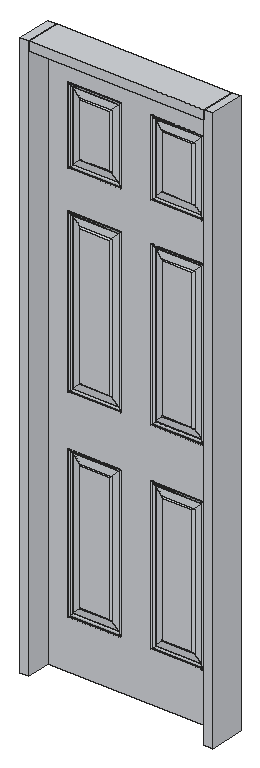
Revit family "Entrance-Doors_Steel_8ft-6-Panel-Embossment_Taylor-Entrance", category Doors, host Wall, Revit 2026
Family settings
  Host = Wall
  Classification Number = 23.30.10.00
  Always vertical = Yes
  Cut with Voids When Loaded = No
  Shared = No
  Room Calculation Point = No
Parameters (values of type "2' 6" x 8' 0"")
  URL = "https://www.groupenovatech.com/"
  Topmost Embossment Height = 13.0000"
  Middle Embossment Height = 27.5000"
  Thickness = 1.7300"
  Door Width = 29.7500"
  Door Height = 94.9400"
  Top Distance = 5.0000"
  Symbolic Pattern = Door Width  # 29.7500"
  Specification = "https://www.arcat.com/company/taylor-entrance-systems-inc-50999/spec"
  Product Page URL = "https://www.arcat.com/arcatcos/cos50/arc50999.html"
  Frame Thickness = 1.4850"
  Door Family = none
  Bottom Embossment Height = 25.5000"
  Model = ""
  Manufacturer = "Taylor Entrance Systems"
  Keynote = "08 42 00"
  Function = Interior
  Height = 94.9400"
  Wall Closure = By host
  Width = 29.7500"
  Define Thermal Properties by = Schematic Type
  Copyright = "ARCAT"
  CAD Details = "https://www.arcat.com/company/taylor-entrance-systems-inc-50999/cad"
  C - Distance = 3.3750"
  Bottom Distance = 8.3800"
  B - Distance = 3.3750"
  Analytic Construction = "<None>"
Types (4): name | Door Width | Symbolic Pattern | Door Family | Width | C - Distance | B - Distance
  2' 6" x 8' 0" | 29.7500" | 29.7500" | none | 29.7500" | 3.3750" | 3.3750"
  2' 8" x 8' 0" | 31.7500" | 31.7500" | Default Wall | 31.7500" | 4.3750" | 4.3750"
  2'10" x 8' 0" | 33.7500" | 33.7500" | none | 33.7500" | 5.3750" | 5.3750"
  3' 0" x 8' 0" | 35.7500" | 35.7500" | none | 35.7500" | 6.3750" | 6.3750"
Reference planes (in)
  plane 1: y = 0
  plane 2 "Center (Left/Right)": x = 0
  plane 3 "Left": x = -14.875
  plane 4 "Right": x = 14.875
  plane 5: z = 94.94
  plane 6 "Exterior": y = 2.95276
  plane 7 "Interior": y = -2.95276
  plane 8: x = 11.5
  plane 9: x = -11.5
  plane 10: z = 8.38
  plane 11: z = 69.94
  plane 12: z = 42.44
  plane 13: z = 33.88
  plane 14: z = 0
  plane 15: z = 79
  plane 16: y = 1.22276
  plane 17: y = 32.70276
  plane 18: x = 16.36
  plane 19: x = -16.36
  plane 20: z = 96.425
  plane 21: x = 2.5
  plane 22: x = -2.5
  plane 23: z = 76.5
  plane 24: z = 89.5
Forms (in)
  Extrusion 1, solid, material <- "Door Family"
    sketch origin (0, 0, 0) x (1, 0, 0) y (0, 1, 0)
      loop
        line (-14.875, 2.95276) -> (-14.875, 1.22276) -> (14.875, 1.22276) -> (14.875, 2.95276) -> (-14.875, 2.95276)
    from 0 to 94.94
  Extrusion 2, solid, material <- "Door Family"
    sketch origin (0, 0, 0) x (1, 0, 0) y (0, 1, 0)
      loop
        line (-16.36, 2.95276) -> (-16.36, -2.95276) -> (-14.875, -2.95276) -> (-14.875, 2.95276) -> (-16.36, 2.95276)
    from 0 to 96.425
  Extrusion 3, solid, material <- "Door Family"
    sketch origin (0, 0, 0) x (1, 0, 0) y (0, 1, 0)
      loop
        line (14.875, 2.95276) -> (14.875, -2.95276) -> (16.36, -2.95276) -> (16.36, 2.95276) -> (14.875, 2.95276)
    from 0 to 96.425
  Extrusion 4, solid, material <- "Door Family"
    sketch origin (0, 0, 0) x (0, 1, 0) y (0, 0, 1)
      loop
        line (2.95276, 96.425) -> (-2.95276, 96.425) -> (-2.95276, 94.94) -> (2.95276, 94.94) -> (2.95276, 96.425)
    from -14.875 to 14.875
  Sweep 5, void
    path origin (0, 2.95276, 0) x (1, 0, 0) y (0, 0, 1)
      loop
        line (11.5, 33.88) -> (2.5, 33.88) -> (2.5, 8.38) -> (11.5, 8.38) -> (11.5, 33.88)
    profile origin (7, 2.95276, 33.88) x (0, 0, -1) y (0, -1, 0)
      loop
        line (0.1553, 0.13898) -> (0.03067, 0.01436) -> (0, 0) -> (1.98567, 0) -> (1.77199, 0.17921) -> (0.60682, 0.30497)
        arc (0.60682, 0.30497) -> (0.58589, 0.30148) -> (0.56981, 0.28764) r 0.03939
        arc (0.56981, 0.28764) -> (0.38714, 0.14476) -> (0.1553, 0.13898) r 0.36925
  Sweep 6, void
    path origin (-14, 2.95276, 0) x (1, 0, 0) y (0, 0, 1)
      loop
        line (11.5, 33.88) -> (2.5, 33.88) -> (2.5, 8.38) -> (11.5, 8.38) -> (11.5, 33.88)
    profile origin (-7, 2.95276, 33.88) x (0, 0, -1) y (0, -1, 0)
      loop
        line (0.1553, 0.13898) -> (0.03067, 0.01436) -> (0, 0) -> (1.98567, 0) -> (1.77199, 0.17921) -> (0.60682, 0.30497)
        arc (0.60682, 0.30497) -> (0.58589, 0.30148) -> (0.56981, 0.28764) r 0.03939
        arc (0.56981, 0.28764) -> (0.38714, 0.14476) -> (0.1553, 0.13898) r 0.36925
  Sweep 7, void
    path origin (0, 2.95276, 0) x (1, 0, 0) y (0, 0, 1)
      loop
        line (11.5, 69.94) -> (2.5, 69.94) -> (2.5, 42.44) -> (11.5, 42.44) -> (11.5, 69.94)
    profile origin (7, 2.95276, 69.94) x (0, 0, -1) y (0, -1, 0)
      loop
        line (0.1553, 0.13898) -> (0.03067, 0.01436) -> (0, 0) -> (1.98567, 0) -> (1.77199, 0.17921) -> (0.60682, 0.30497)
        arc (0.60682, 0.30497) -> (0.58589, 0.30148) -> (0.56981, 0.28764) r 0.03939
        arc (0.56981, 0.28764) -> (0.38714, 0.14476) -> (0.1553, 0.13898) r 0.36925
  Sweep 8, void
    path origin (-14, 2.95276, 0) x (1, 0, 0) y (0, 0, 1)
      loop
        line (11.5, 69.94) -> (2.5, 69.94) -> (2.5, 42.44) -> (11.5, 42.44) -> (11.5, 69.94)
    profile origin (-7, 2.95276, 69.94) x (0, 0, -1) y (0, -1, 0)
      loop
        line (0.1553, 0.13898) -> (0.03067, 0.01436) -> (0, 0) -> (1.98567, 0) -> (1.77199, 0.17921) -> (0.60682, 0.30497)
        arc (0.60682, 0.30497) -> (0.58589, 0.30148) -> (0.56981, 0.28764) r 0.03939
        arc (0.56981, 0.28764) -> (0.38714, 0.14476) -> (0.1553, 0.13898) r 0.36925
  Sweep 9, void
    path origin (0, 2.95276, 0) x (1, 0, 0) y (0, 0, 1)
      loop
        line (11.5, 89.5) -> (2.5, 89.5) -> (2.5, 76.5) -> (11.5, 76.5) -> (11.5, 89.5)
    profile origin (7, 2.95276, 89.5) x (0, 0, -1) y (0, -1, 0)
      loop
        line (0.1553, 0.13898) -> (0.03067, 0.01436) -> (0, 0) -> (1.98567, 0) -> (1.77199, 0.17921) -> (0.60682, 0.30497)
        arc (0.60682, 0.30497) -> (0.58589, 0.30148) -> (0.56981, 0.28764) r 0.03939
        arc (0.56981, 0.28764) -> (0.38714, 0.14476) -> (0.1553, 0.13898) r 0.36925
  Sweep 10, void
    path origin (-14, 2.95276, 0) x (1, 0, 0) y (0, 0, 1)
      loop
        line (11.5, 89.5) -> (2.5, 89.5) -> (2.5, 76.5) -> (11.5, 76.5) -> (11.5, 89.5)
    profile origin (-7, 2.95276, 89.5) x (0, 0, -1) y (0, -1, 0)
      loop
        line (0.1553, 0.13898) -> (0.03067, 0.01436) -> (0, 0) -> (1.98567, 0) -> (1.77199, 0.17921) -> (0.60682, 0.30497)
        arc (0.60682, 0.30497) -> (0.58589, 0.30148) -> (0.56981, 0.28764) r 0.03939
        arc (0.56981, 0.28764) -> (0.38714, 0.14476) -> (0.1553, 0.13898) r 0.36925
  Sweep 11, void
    path origin (14.875, 1.22276, 0) x (-1, 0, 0) y (0, 0, -1)
      loop
        line (26.375, -33.88) -> (26.375, -8.38) -> (17.375, -8.38) -> (17.375, -33.88) -> (26.375, -33.88)
    profile origin (-7, 1.22276, 33.88) x (0, 0, 1) y (0, -1, 0)
      loop
        line (-0.1553, -0.13898) -> (-0.03067, -0.01436) -> (0, 0) -> (-1.98567, 0) -> (-1.77199, -0.17921) -> (-0.60682, -0.30497)
        arc (-0.60682, -0.30497) -> (-0.58589, -0.30148) -> (-0.56981, -0.28764) r 0.03939
        arc (-0.56981, -0.28764) -> (-0.38714, -0.14476) -> (-0.1553, -0.13898) r 0.36925
  Sweep 12, void
    path origin (28.875, 1.22276, 0) x (-1, 0, 0) y (0, 0, -1)
      loop
        line (26.375, -33.88) -> (26.375, -8.38) -> (17.375, -8.38) -> (17.375, -33.88) -> (26.375, -33.88)
    profile origin (7, 1.22276, 33.88) x (0, 0, 1) y (0, -1, 0)
      loop
        line (-0.1553, -0.13898) -> (-0.03067, -0.01436) -> (0, 0) -> (-1.98567, 0) -> (-1.77199, -0.17921) -> (-0.60682, -0.30497)
        arc (-0.60682, -0.30497) -> (-0.58589, -0.30148) -> (-0.56981, -0.28764) r 0.03939
        arc (-0.56981, -0.28764) -> (-0.38714, -0.14476) -> (-0.1553, -0.13898) r 0.36925
  Sweep 13, void
    path origin (14.875, 1.22276, 0) x (-1, 0, 0) y (0, 0, -1)
      loop
        line (26.375, -69.94) -> (26.375, -42.44) -> (17.375, -42.44) -> (17.375, -69.94) -> (26.375, -69.94)
    profile origin (-7, 1.22276, 69.94) x (0, 0, 1) y (0, -1, 0)
      loop
        line (-0.1553, -0.13898) -> (-0.03067, -0.01436) -> (0, 0) -> (-1.98567, 0) -> (-1.77199, -0.17921) -> (-0.60682, -0.30497)
        arc (-0.60682, -0.30497) -> (-0.58589, -0.30148) -> (-0.56981, -0.28764) r 0.03939
        arc (-0.56981, -0.28764) -> (-0.38714, -0.14476) -> (-0.1553, -0.13898) r 0.36925
  Sweep 14, void
    path origin (28.875, 1.22276, 0) x (-1, 0, 0) y (0, 0, -1)
      loop
        line (26.375, -69.94) -> (26.375, -42.44) -> (17.375, -42.44) -> (17.375, -69.94) -> (26.375, -69.94)
    profile origin (7, 1.22276, 69.94) x (0, 0, 1) y (0, -1, 0)
      loop
        line (-0.1553, -0.13898) -> (-0.03067, -0.01436) -> (0, 0) -> (-1.98567, 0) -> (-1.77199, -0.17921) -> (-0.60682, -0.30497)
        arc (-0.60682, -0.30497) -> (-0.58589, -0.30148) -> (-0.56981, -0.28764) r 0.03939
        arc (-0.56981, -0.28764) -> (-0.38714, -0.14476) -> (-0.1553, -0.13898) r 0.36925
  Sweep 15, void
    path origin (14.875, 1.22276, 0) x (-1, 0, 0) y (0, 0, -1)
      loop
        line (26.375, -89.5) -> (26.375, -76.5) -> (17.375, -76.5) -> (17.375, -89.5) -> (26.375, -89.5)
    profile origin (-7, 1.22276, 89.5) x (0, 0, 1) y (0, -1, 0)
      loop
        line (-0.1553, -0.13898) -> (-0.03067, -0.01436) -> (0, 0) -> (-1.98567, 0) -> (-1.77199, -0.17921) -> (-0.60682, -0.30497)
        arc (-0.60682, -0.30497) -> (-0.58589, -0.30148) -> (-0.56981, -0.28764) r 0.03939
        arc (-0.56981, -0.28764) -> (-0.38714, -0.14476) -> (-0.1553, -0.13898) r 0.36925
  Sweep 16, void
    path origin (28.875, 1.22276, 0) x (-1, 0, 0) y (0, 0, -1)
      loop
        line (26.375, -89.5) -> (26.375, -76.5) -> (17.375, -76.5) -> (17.375, -89.5) -> (26.375, -89.5)
    profile origin (7, 1.22276, 89.5) x (0, 0, 1) y (0, -1, 0)
      loop
        line (-0.1553, -0.13898) -> (-0.03067, -0.01436) -> (0, 0) -> (-1.98567, 0) -> (-1.77199, -0.17921) -> (-0.60682, -0.30497)
        arc (-0.60682, -0.30497) -> (-0.58589, -0.30148) -> (-0.56981, -0.28764) r 0.03939
        arc (-0.56981, -0.28764) -> (-0.38714, -0.14476) -> (-0.1553, -0.13898) r 0.36925
Cuts and joins
  Sweep 5, Sweep 6, Sweep 7, Sweep 8, Sweep 9, Sweep 10, Sweep 11, Sweep 12, Sweep 13, Sweep 14, Sweep 15, Sweep 16 cuts Extrusion 1
Lines and regions (in)
  Opening 1
    outline origin (-120.07874, -2.95276, 0) x (1, 0, 0) y (0, 0, 1)
      loop
        line (103.71874, 0) -> (136.43874, 0) -> (136.43874, 96.425) -> (103.71874, 96.425) -> (103.71874, 0)
  symbolic lines, style "DoorsPanelProjection"
    curve 1: line (-14.875, 2.95276, 0) -> (-13.14453, 2.95276, 0)
    curve 2: line (-14.875, 32.70276, 0) -> (-14.875, 2.95276, 0)
    curve 3: line (-13.14453, 32.70276, 0) -> (-14.875, 32.70276, 0)
    curve 4: line (-13.14453, 2.95276, 0) -> (-13.14453, 32.70276, 0)
    curve 5: arc (-14.875, 32.70276, 0) -> (6.16143, 23.98918, 0) -> (14.875, 2.95276, 0) r 29.75
  symbolic lines, style "Elevation Swing"
    curve 6: line (-14.875, -2.95276, 45.44) -> (14.875, -2.95276, 94.94)
    curve 7: line (-14.875, -2.95276, 45.44) -> (14.875, -2.95276, 0)
  symbolic lines
    curve 8: line (0, 2.95276, 65.2047) -> (0, 2.95276, 69.94)
    curve 9: line (0, 2.08776, 0) -> (0, 2.08776, 6.44)
Text (in)
  text "Exterior" at (-83.64806, 43.28909, 0), in view "Ref. Level"
  text "Exterior" at (0, 63.59764, 145.59372), in view "Left"
  text "Exterior" at (0, 40.78868, 152.55637), in view "Right"
  text "Interior" at (-85.30309, -10.03194, 0), in view "Ref. Level"
Dimensions and locks (in)
  equal spacing: plane 3 "Left", plane 2 "Center (Left/Right)", plane 4 "Right"  (x3)
  plane 3 "Left" to plane 4 "Right" = 29.7500"  (x2)
  "Door Height": host wall to plane 5
  host wall to plane 5 = 94.9400"
  locked: plane 6 "Exterior" to host wall
  locked: plane 7 "Interior" to host wall
  plane 13 to plane 12 = 8.5600"
  "Bottom Embossment Height": plane 10 to plane 13
  "Thickness": plane 6 "Exterior" to plane 16
  locked: curve 2 to curve 4 at 1.73047
  "Symbolic Pattern": plane 6 "Exterior" to plane 17
  "Door Width": plane 3 "Left" to plane 4 "Right"
  "Bottom Distance": level to plane 10
  plane 12 to plane 13 = 8.5600"
  "Frame Thickness": plane 4 "Right" to plane 18
  "Frame Thickness": plane 19 to plane 3 "Left"
  "Frame Thickness": plane 5 to plane 20
  "B - Distance": plane 8 to plane 4 "Right"
  "C - Distance": plane 3 "Left" to plane 9
  "Middle Embossment Height": plane 12 to plane 11
  plane 22 to plane 2 "Center (Left/Right)" to plane 21 = 2.5000" locked, 2.5000" locked  (x2)
  plane 9 to plane 22 = 9.0000"  (x2)
  plane 21 to plane 8 = 9.0000"  (x2)
  locked: Extrusion 2 to Extrusion 4 sketch curve at 1.485
  plane 11 to plane 23 = 6.5600"
  "Topmost Embossment Height": plane 23 to plane 24
  plane 23 to plane 11 = 6.5600"
  plane 9 to plane 8 = 23.0000"
  plane 8 to plane 9 = 23.0000"
  plane 22 to plane 21 = 5.0000"
  plane 24 to plane 5 = 5.4400"
  aligned and locked: Opening 1 sketch curve to level
  aligned and locked: plane 1 to host wall
  aligned and locked: plane 6 "Exterior" to Extrusion 1 sketch curve
  aligned and locked: plane 16 to Extrusion 1 sketch curve
  aligned and locked: plane 17 to curve 3
  aligned and locked: Extrusion 1 to level
  aligned and locked: Opening 1 sketch curve to plane 19
  aligned and locked: plane 20 to Opening 1 sketch curve
  aligned and locked: plane 18 to Opening 1 sketch curve
  aligned and locked: plane 3 "Left" to Extrusion 2 sketch curve
  aligned and locked: plane 19 to Extrusion 2 sketch curve
  aligned and locked: plane 6 "Exterior" to Extrusion 2 sketch curve
  aligned and locked: Extrusion 2 sketch curve to plane 7 "Interior"
  aligned and locked: plane 20 to Extrusion 2
  aligned and locked: plane 18 to Extrusion 3 sketch curve
  aligned and locked: Extrusion 3 sketch curve to plane 4 "Right"
  aligned and locked: plane 6 "Exterior" to Extrusion 3 sketch curve
  aligned and locked: Extrusion 3 sketch curve to plane 7 "Interior"
  aligned and locked: plane 20 to Extrusion 3
  aligned and locked: Extrusion 4 sketch curve to plane 20
  aligned and locked: plane 6 "Exterior" to Extrusion 4 sketch curve
  aligned and locked: Extrusion 4 sketch curve to plane 7 "Interior"
  aligned and locked: plane 3 "Left" to Extrusion 4
  aligned and locked: Extrusion 4 to plane 4 "Right"
  aligned and locked: cut or joined group of Extrusion 1, Sweep 5, Sweep 6, Sweep 7, Sweep 8, Sweep 9, Sweep 10, Sweep 11, Sweep 12, Sweep 13, Sweep 14, Sweep 15, Sweep 16 to plane 5
  aligned and locked: plane 13 to Sweep 5 sketch curve
  aligned and locked: plane 8 to Sweep 5 sketch curve
  aligned and locked: Sweep 5 sketch curve to plane 10
  aligned and locked: plane 21 to Sweep 5 sketch curve
  aligned and locked: Sweep 6 sketch curve to plane 13
  aligned and locked: Sweep 6 sketch curve to plane 9
  aligned and locked: plane 10 to Sweep 6 sketch curve
  aligned and locked: plane 22 to Sweep 6 sketch curve
  aligned and locked: plane 11 to Sweep 7 sketch curve
  aligned and locked: plane 8 to Sweep 7 sketch curve
  aligned and locked: Sweep 7 sketch curve to plane 12
  aligned and locked: plane 21 to Sweep 7 sketch curve
  aligned and locked: Sweep 8 sketch curve to plane 11
  aligned and locked: Sweep 8 sketch curve to plane 9
  aligned and locked: plane 12 to Sweep 8 sketch curve
  aligned and locked: plane 22 to Sweep 8 sketch curve
  aligned and locked: plane 24 to Sweep 9 sketch curve
  aligned and locked: plane 8 to Sweep 9 sketch curve
  aligned and locked: Sweep 9 sketch curve to plane 23
  aligned and locked: plane 21 to Sweep 9 sketch curve
  aligned and locked: Sweep 10 sketch curve to plane 24
  aligned and locked: Sweep 10 sketch curve to plane 9
  aligned and locked: plane 23 to Sweep 10 sketch curve
  aligned and locked: plane 22 to Sweep 10 sketch curve
  aligned and locked: Sweep 11 sketch curve to plane 13
  aligned and locked: Sweep 11 sketch curve to plane 9
  aligned and locked: plane 10 to Sweep 11 sketch curve
  aligned and locked: plane 22 to Sweep 11 sketch curve
  aligned and locked: Sweep 12 sketch curve to plane 13
  aligned and locked: Sweep 12 sketch curve to plane 8
  aligned and locked: plane 10 to Sweep 12 sketch curve
  aligned and locked: Sweep 12 sketch curve to plane 21
  aligned and locked: Sweep 13 sketch curve to plane 11
  aligned and locked: Sweep 13 sketch curve to plane 9
  aligned and locked: plane 12 to Sweep 13 sketch curve
  aligned and locked: plane 22 to Sweep 13 sketch curve
  aligned and locked: Sweep 14 sketch curve to plane 11
  aligned and locked: Sweep 14 sketch curve to plane 8
  aligned and locked: plane 12 to Sweep 14 sketch curve
  aligned and locked: Sweep 14 sketch curve to plane 21
  aligned and locked: Sweep 15 sketch curve to plane 24
  aligned and locked: Sweep 15 sketch curve to plane 9
  aligned and locked: plane 23 to Sweep 15 sketch curve
  aligned and locked: plane 22 to Sweep 15 sketch curve
  aligned and locked: Sweep 16 sketch curve to plane 24
  aligned and locked: Sweep 16 sketch curve to plane 8
  aligned and locked: plane 23 to Sweep 16 sketch curve
  aligned and locked: Sweep 16 sketch curve to plane 21
Automatic sketch dimensions
  curve 9 to level = 0.0000"
  curve 8 to host wall = 0.0000"
  curve 8 to plane 11 = 0.0000"
  curve 9 to host wall = 0.8650"
  host wall to curve 8 = 0.0000"
  curve 9 to plane 10 = 1.9400"
  curve 8 to curve 8 = 4.7353"
  Extrusion 1 sketch curve to plane 3 "Left" = 0.0000"
  Extrusion 1 sketch curve to plane 4 "Right" = 0.0000"
  curve 1 to host wall = 0.0000"
  curve 1 to plane 3 "Left" = 0.0000"
  curve 5 to host wall = 0.0000"
  plane 3 "Left" to curve 7 = 0.0000"
  curve 7 to level = 0.0000"
  plane 4 "Right" to curve 7 = 0.0000"
  plane 4 "Right" to curve 6 = 0.0000"
  curve 6 to plane 5 = 0.0000"
  plane 12 to curve 7 = 3.0000"
  Sweep 5 sketch curve to plane 6 "Exterior" = 0.0000"
  Sweep 5 sketch curve to profile plane = 0.0000"
  plane 6 "Exterior" to Sweep 5 sketch curve = 0.01436"
  Sweep 5 sketch curve to profile plane = 0.03067"
  Sweep 5 sketch curve to profile plane = 0.1553"
  Sweep 5 sketch curve to profile plane = 0.26248"
  plane 6 "Exterior" to Sweep 5 sketch curve = 0.26581"
  Sweep 5 sketch curve to Sweep 5 sketch curve = 0.3401"
  plane 6 "Exterior" to Sweep 5 sketch curve = 0.30497"
  Sweep 5 sketch curve to Sweep 5 sketch curve = 0.00423"
  plane 6 "Exterior" to Sweep 5 sketch curve = 0.17921"
  Sweep 5 sketch curve to Sweep 5 sketch curve = 0.21367"
  plane 6 "Exterior" to Sweep 5 sketch curve = 0.13898"
  Sweep 5 sketch curve to Sweep 5 sketch curve = 0.35335"
  Sweep 6 sketch curve to plane 6 "Exterior" = 0.0000"
  Sweep 6 sketch curve to profile plane = 0.0000"
  plane 6 "Exterior" to Sweep 6 sketch curve = 0.01436"
  Sweep 6 sketch curve to profile plane = 0.03067"
  Sweep 6 sketch curve to profile plane = 0.1553"
  Sweep 6 sketch curve to profile plane = 0.26248"
  plane 6 "Exterior" to Sweep 6 sketch curve = 0.26581"
  Sweep 6 sketch curve to Sweep 6 sketch curve = 0.3401"
  plane 6 "Exterior" to Sweep 6 sketch curve = 0.30497"
  Sweep 6 sketch curve to Sweep 6 sketch curve = 0.00423"
  plane 6 "Exterior" to Sweep 6 sketch curve = 0.17921"
  Sweep 6 sketch curve to Sweep 6 sketch curve = 0.21367"
  plane 6 "Exterior" to Sweep 6 sketch curve = 0.13898"
  Sweep 6 sketch curve to Sweep 6 sketch curve = 0.35335"
  Sweep 7 sketch curve to plane 6 "Exterior" = 0.0000"
  Sweep 7 sketch curve to profile plane = 0.0000"
  plane 6 "Exterior" to Sweep 7 sketch curve = 0.01436"
  Sweep 7 sketch curve to profile plane = 0.03067"
  Sweep 7 sketch curve to profile plane = 0.1553"
  Sweep 7 sketch curve to profile plane = 0.26248"
  plane 6 "Exterior" to Sweep 7 sketch curve = 0.26581"
  Sweep 7 sketch curve to Sweep 7 sketch curve = 0.3401"
  plane 6 "Exterior" to Sweep 7 sketch curve = 0.30497"
  Sweep 7 sketch curve to Sweep 7 sketch curve = 0.00423"
  plane 6 "Exterior" to Sweep 7 sketch curve = 0.17921"
  Sweep 7 sketch curve to Sweep 7 sketch curve = 0.21367"
  plane 6 "Exterior" to Sweep 7 sketch curve = 0.13898"
  Sweep 7 sketch curve to Sweep 7 sketch curve = 0.35335"
  Sweep 8 sketch curve to plane 6 "Exterior" = 0.0000"
  Sweep 8 sketch curve to profile plane = 0.0000"
  plane 6 "Exterior" to Sweep 8 sketch curve = 0.01436"
  Sweep 8 sketch curve to profile plane = 0.03067"
  Sweep 8 sketch curve to profile plane = 0.1553"
  Sweep 8 sketch curve to profile plane = 0.26248"
  plane 6 "Exterior" to Sweep 8 sketch curve = 0.26581"
  Sweep 8 sketch curve to Sweep 8 sketch curve = 0.3401"
  plane 6 "Exterior" to Sweep 8 sketch curve = 0.30497"
  Sweep 8 sketch curve to Sweep 8 sketch curve = 0.00423"
  plane 6 "Exterior" to Sweep 8 sketch curve = 0.17921"
  Sweep 8 sketch curve to Sweep 8 sketch curve = 0.21367"
  plane 6 "Exterior" to Sweep 8 sketch curve = 0.13898"
  Sweep 8 sketch curve to Sweep 8 sketch curve = 0.35335"
  Sweep 9 sketch curve to plane 6 "Exterior" = 0.0000"
  Sweep 9 sketch curve to profile plane = 0.0000"
  plane 6 "Exterior" to Sweep 9 sketch curve = 0.01436"
  Sweep 9 sketch curve to profile plane = 0.03067"
  Sweep 9 sketch curve to profile plane = 0.1553"
  Sweep 9 sketch curve to profile plane = 0.26248"
  plane 6 "Exterior" to Sweep 9 sketch curve = 0.26581"
  Sweep 9 sketch curve to Sweep 9 sketch curve = 0.3401"
  plane 6 "Exterior" to Sweep 9 sketch curve = 0.30497"
  Sweep 9 sketch curve to Sweep 9 sketch curve = 0.00423"
  plane 6 "Exterior" to Sweep 9 sketch curve = 0.17921"
  Sweep 9 sketch curve to Sweep 9 sketch curve = 0.21367"
  plane 6 "Exterior" to Sweep 9 sketch curve = 0.13898"
  Sweep 9 sketch curve to Sweep 9 sketch curve = 0.35335"
  Sweep 10 sketch curve to plane 6 "Exterior" = 0.0000"
  Sweep 10 sketch curve to profile plane = 0.0000"
  plane 6 "Exterior" to Sweep 10 sketch curve = 0.01436"
  Sweep 10 sketch curve to profile plane = 0.03067"
  Sweep 10 sketch curve to profile plane = 0.1553"
  Sweep 10 sketch curve to profile plane = 0.26248"
  plane 6 "Exterior" to Sweep 10 sketch curve = 0.26581"
  Sweep 10 sketch curve to Sweep 10 sketch curve = 0.3401"
  plane 6 "Exterior" to Sweep 10 sketch curve = 0.30497"
  Sweep 10 sketch curve to Sweep 10 sketch curve = 0.00423"
  plane 6 "Exterior" to Sweep 10 sketch curve = 0.17921"
  Sweep 10 sketch curve to Sweep 10 sketch curve = 0.21367"
  plane 6 "Exterior" to Sweep 10 sketch curve = 0.13898"
  Sweep 10 sketch curve to Sweep 10 sketch curve = 0.35335"
  Sweep 11 sketch curve to profile plane = 0.0000"
  profile plane to Sweep 11 sketch curve = 0.0000"
  Sweep 11 sketch curve to profile plane = 0.01436"
  profile plane to Sweep 11 sketch curve = 0.03067"
  profile plane to Sweep 11 sketch curve = 0.1553"
  profile plane to Sweep 11 sketch curve = 0.26248"
  Sweep 11 sketch curve to profile plane = 0.26581"
  Sweep 11 sketch curve to Sweep 11 sketch curve = 0.3401"
  Sweep 11 sketch curve to profile plane = 0.30497"
  Sweep 11 sketch curve to Sweep 11 sketch curve = 0.00423"
  Sweep 11 sketch curve to profile plane = 0.17921"
  Sweep 11 sketch curve to Sweep 11 sketch curve = 0.21367"
  Sweep 11 sketch curve to Sweep 11 sketch curve = 0.18737"
  Sweep 11 sketch curve to profile plane = 0.13898"
  Sweep 12 sketch curve to profile plane = 0.0000"
  profile plane to Sweep 12 sketch curve = 0.0000"
  Sweep 12 sketch curve to profile plane = 0.01436"
  profile plane to Sweep 12 sketch curve = 0.03067"
  profile plane to Sweep 12 sketch curve = 0.1553"
  profile plane to Sweep 12 sketch curve = 0.26248"
  Sweep 12 sketch curve to profile plane = 0.26581"
  Sweep 12 sketch curve to Sweep 12 sketch curve = 0.3401"
  Sweep 12 sketch curve to profile plane = 0.30497"
  Sweep 12 sketch curve to Sweep 12 sketch curve = 0.00423"
  Sweep 12 sketch curve to profile plane = 0.17921"
  Sweep 12 sketch curve to Sweep 12 sketch curve = 0.21367"
  Sweep 12 sketch curve to Sweep 12 sketch curve = 0.18737"
  Sweep 12 sketch curve to profile plane = 0.13898"
  Sweep 13 sketch curve to profile plane = 0.0000"
  profile plane to Sweep 13 sketch curve = 0.0000"
  Sweep 13 sketch curve to profile plane = 0.01436"
  profile plane to Sweep 13 sketch curve = 0.03067"
  profile plane to Sweep 13 sketch curve = 0.1553"
  profile plane to Sweep 13 sketch curve = 0.26248"
  Sweep 13 sketch curve to profile plane = 0.26581"
  Sweep 13 sketch curve to Sweep 13 sketch curve = 0.3401"
  Sweep 13 sketch curve to profile plane = 0.30497"
  Sweep 13 sketch curve to Sweep 13 sketch curve = 0.00423"
  Sweep 13 sketch curve to profile plane = 0.17921"
  Sweep 13 sketch curve to Sweep 13 sketch curve = 0.21367"
  Sweep 13 sketch curve to Sweep 13 sketch curve = 0.18737"
  Sweep 13 sketch curve to profile plane = 0.13898"
  Sweep 14 sketch curve to profile plane = 0.0000"
  profile plane to Sweep 14 sketch curve = 0.0000"
  Sweep 14 sketch curve to profile plane = 0.01436"
  profile plane to Sweep 14 sketch curve = 0.03067"
  profile plane to Sweep 14 sketch curve = 0.1553"
  profile plane to Sweep 14 sketch curve = 0.26248"
  Sweep 14 sketch curve to profile plane = 0.26581"
  Sweep 14 sketch curve to Sweep 14 sketch curve = 0.3401"
  Sweep 14 sketch curve to profile plane = 0.30497"
  Sweep 14 sketch curve to Sweep 14 sketch curve = 0.00423"
  Sweep 14 sketch curve to profile plane = 0.17921"
  Sweep 14 sketch curve to Sweep 14 sketch curve = 0.21367"
  Sweep 14 sketch curve to Sweep 14 sketch curve = 0.18737"
  Sweep 14 sketch curve to profile plane = 0.13898"
  Sweep 15 sketch curve to profile plane = 0.0000"
  profile plane to Sweep 15 sketch curve = 0.0000"
  Sweep 15 sketch curve to profile plane = 0.01436"
  profile plane to Sweep 15 sketch curve = 0.03067"
  profile plane to Sweep 15 sketch curve = 0.1553"
  profile plane to Sweep 15 sketch curve = 0.26248"
  Sweep 15 sketch curve to profile plane = 0.26581"
  Sweep 15 sketch curve to Sweep 15 sketch curve = 0.3401"
  Sweep 15 sketch curve to profile plane = 0.30497"
  Sweep 15 sketch curve to Sweep 15 sketch curve = 0.00423"
  Sweep 15 sketch curve to profile plane = 0.17921"
  Sweep 15 sketch curve to Sweep 15 sketch curve = 0.21367"
  Sweep 15 sketch curve to Sweep 15 sketch curve = 0.18737"
  Sweep 15 sketch curve to profile plane = 0.13898"
  Sweep 16 sketch curve to profile plane = 0.0000"
  profile plane to Sweep 16 sketch curve = 0.0000"
  Sweep 16 sketch curve to profile plane = 0.01436"
  profile plane to Sweep 16 sketch curve = 0.03067"
  profile plane to Sweep 16 sketch curve = 0.1553"
  profile plane to Sweep 16 sketch curve = 0.26248"
  Sweep 16 sketch curve to profile plane = 0.26581"
  Sweep 16 sketch curve to Sweep 16 sketch curve = 0.3401"
  Sweep 16 sketch curve to profile plane = 0.30497"
  Sweep 16 sketch curve to Sweep 16 sketch curve = 0.00423"
  Sweep 16 sketch curve to profile plane = 0.17921"
  Sweep 16 sketch curve to Sweep 16 sketch curve = 0.21367"
  Sweep 16 sketch curve to Sweep 16 sketch curve = 0.18737"
  Sweep 16 sketch curve to profile plane = 0.13898"
